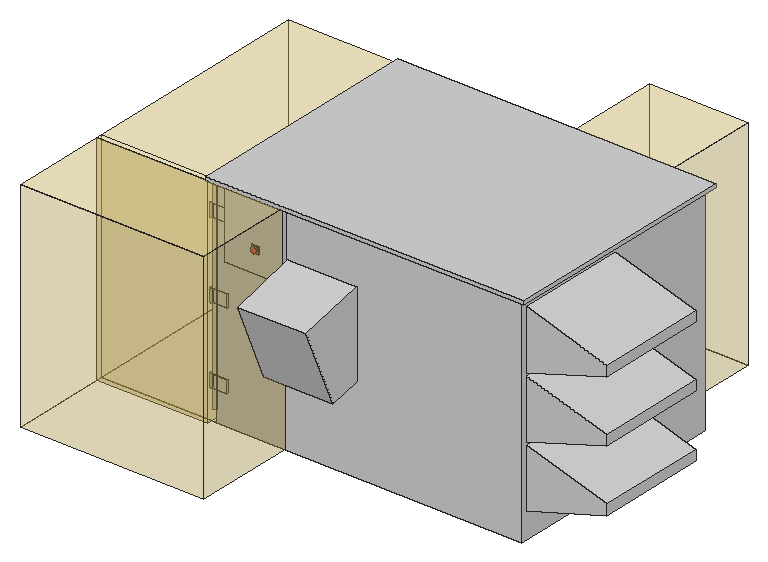
Revit family "Ventilator-RenewAire-Energy-Recovery-HE8XRTV", category Mechanical Equipment, Revit 2015
Parameters (values of type "10.0 HP 208-230V Three Phase")
  Voltage = "208-230"
  Ventilation Type = "Static Plate, Heat and Humidity Transfer"
  Unit Width = "140-1/2\""
  Unit Weight = "2,232 - 2,914 lbs."
  Unit Length = "106-1/2\""
  Unit Height = "81-3/4\""
  Unit = Metal - RenewAire - Anodized - Gray Text
  URL = "www.renewaire.com"
  Typical Airflow Range = "2,000-7,950 CFM"
  Standard Features = "TEFC Premium efficiency motors, Motor starters, Non-fused disconnect, 24 VAC transformer/relay package"
  Shipping Weight = "3,254 lbs."
  Service Area Visibility = yes
  Service Area Box = Interference - RenewAire - Smooth - Light - Gold
  Revit Object Download Link = ""
  Phase = "Three"
  Options = "Integrated programmable controls, Fused disconnect, Double wall construction, Factory supplied and mounted variable frequency drives (VFDs) - one or both airstreams, Class 1 low-leakage motorized isolation dampers - OA, EA or both airstreams, Qty. 2 Factory mounted filter alarms, Exterior Paint - white, custom colors"
  Number Motors = "Qty. 2, Belt drive blower/ standard motor packages with adjustable sheaves"
  Model = "HE8XRTV"
  Minimum Circuit Amps = "60.8"
  Maximum Overcurrent Protection = "80"
  Max. Shipping Width = "90\""
  Max. Shipping Length = "116\""
  Max. Shipping Height = "90\""
  Manufacturer = "RenewAire LLC"
  Frequency = "60 HZ"
  FLA per Motor = "27.0-25.0"
  Description = "Energy Recovery Ventilator"
  Connector Base Material = Glass - With - Transparency
  Accessories = "Filters - MERV 13, 2\" (shipped loose), Roof curb - standard 14\", Curb wind clip, Engineered combo curb for Carrier RTU, Engineered combo curb for Trane RTU, Digital time clock - wall mount(TC7D-W), in exterior enclosure (TC7D-E), Motion occupancy control - ceiling mount(MC-C), wall mount(MC-W), Carbon Dioxide control - wall mount (CO2-W), duct mount(CO2-D), Electric duct heater – EK series (1-60 kW), EH series (61-175 kW); designed for indoor ductwork installation only, Indirect gas-fired duct furnace - GH series (50-400 MBH), installed downstream of any fans"
  AHRI 1060 Certified Core = "Eight L125-G5"
Types (10): name | Voltage | Minimum Circuit Amps | Maximum Overcurrent Protection | FLA per Motor
  (no name) | "208-230" | "60.8" | "80" | "27.0-25.0"
  5.0 HP 208-230V Three Phase | "208-230" | "32.6 A" | "45 A" | "14.5-13.4"
  5.0 HP 460V Three Phase | "460" | "15.1 A" | "20 A" | "6.7"
  5.0 HP 575V Three Phase | "575" | "11.9 A" | "15 A" | "5.3"
  7.5 HP 208-230V Three Phase | "208-230" | "47.3 A" | "60 A" | "21.0-19.0"
  7.5 HP 460V Three Phase | "460" | "21.4 A" | "25 A" | "9.5"
  7.5 HP 575V Three Phase | "575" | "17.1 A" | "20 A" | "7.6"
  10.0 HP 208-230V Three Phase | "208-230" | "60.8" | "80" | "27.0-25.0"
  10.0 HP 460V Three Phase | "460" | "28.1" | "35" | "12.5"
  10.0 HP 575V Three Phase | "575" | "22.0" | "30" | "9.76"
Reference planes (in)
  plane 1 "Center (Front/Back)": y = 0
  plane 2: z = 0
  plane 3 "Center (Left/Right)": x = 0
  plane 4: y = 41.875
  plane 5: y = -41.875
  plane 6: x = 56.3125
  plane 7: x = -57.1875
  plane 8: z = 82
  plane 9: x = -4.5625
  plane 10: x = -28.8125
Forms (in)
  Extrusion 1, solid, material "Metal - RenewAire - Anodized - Gray Text" <- "Unit"
    sketch origin (0, 0, 0) x (1, 0, 0) y (0, 1, 0)
      loop
        line (-54, 40.5) -> (-54, -40.5) -> (54, -40.5) -> (54, 40.5) -> (-54, 40.5)
    from 0 to 77
  Extrusion 2, solid, material "Metal - RenewAire - Anodized - Gray Text"
    sketch origin (0, 0, 0) x (1, 0, 0) y (0, 1, 0)
      loop
        line (-56.3125, 42.5) -> (-56.3125, -42.5) -> (56.3125, -42.5) -> (56.3125, 42.5) -> (-56.3125, 42.5)
    from 77 to 78.25
  Extrusion 3, solid, material "Metal - RenewAire - Anodized - Gray Text"
    sketch origin (0, 0, 0) x (1, 0, 0) y (0, 1, 0)
      loop
        line (-54, -40.5) -> (-54, -1.25) -> (-55.5625, -1.25) -> (-55.5625, -40.5) -> (-54, -40.5)
    from 4 to 76
  Extrusion 4, solid, material "Metal - RenewAire - Anodized - Gray Text"
    sketch origin (0, 41.75, 0) x (1, 0, 0) y (0, 1, 0)
      loop
        line (-54, -40.5) -> (-54, -1.25) -> (-55.5625, -1.25) -> (-55.5625, -40.5) -> (-54, -40.5)
    from 4 to 76
  Extrusion 5, solid, material "Metal - RenewAire - Anodized - Gray Text"
    sketch origin (0, 0, 0) x (1, 0, 0) y (0, 0, 1)
      loop
        line (-55.5625, 15.181) -> (-55.5625, 10.75) -> (-50.25, 10.75) -> (-50.25, 15.181) -> (-55.5625, 15.181)
      loop
        line (-55.5625, 42.222) -> (-55.5625, 37.778) -> (-50.25, 37.778) -> (-50.25, 42.222) -> (-55.5625, 42.222)
      loop
        line (-55.5625, 69.25) -> (-55.5625, 64.819) -> (-50.25, 64.819) -> (-50.25, 69.25) -> (-55.5625, 69.25)
    from 40.5 to 40.625
  Extrusion 6, solid, material "Metal - RenewAire - Anodized - Gray Text"
    sketch origin (0, 0, 0) x (1, 0, 0) y (0, 0, 1)
      loop
        line (-55.5625, 15.181) -> (-55.5625, 10.75) -> (-50.25, 10.75) -> (-50.25, 15.181) -> (-55.5625, 15.181)
      loop
        line (-55.5625, 42.222) -> (-55.5625, 37.778) -> (-50.25, 37.778) -> (-50.25, 42.222) -> (-55.5625, 42.222)
      loop
        line (-55.5625, 69.25) -> (-55.5625, 64.819) -> (-50.25, 64.819) -> (-50.25, 69.25) -> (-55.5625, 69.25)
    from -40.625 to -40.5
  Extrusion 7, solid, material "Metal - RenewAire - Anodized - Gray Text"
    sketch origin (0, 0, 0) x (1, 0, 0) y (0, 1, 0)
      loop
        circle (-55.9375, -40.5) r 0.375
    from 10.75 to 15.181
  Extrusion 8, solid, material "Metal - RenewAire - Anodized - Gray Text"
    sketch origin (0, 0, 0) x (1, 0, 0) y (0, 1, 0)
      loop
        circle (-55.9375, -40.5) r 0.375
    from 37.778 to 42.222
  Extrusion 9, solid, material "Metal - RenewAire - Anodized - Gray Text"
    sketch origin (0, 0, 0) x (1, 0, 0) y (0, 1, 0)
      loop
        circle (-55.9375, -40.5) r 0.375
    from 64.819 to 69.25
  Extrusion 10, solid, material "Metal - RenewAire - Anodized - Gray Text"
    sketch origin (0, 81, 0) x (1, 0, 0) y (0, 1, 0)
      loop
        circle (-55.9375, -40.5) r 0.375
    from 10.75 to 15.181
  Extrusion 11, solid, material "Metal - RenewAire - Anodized - Gray Text"
    sketch origin (0, 81, 0) x (1, 0, 0) y (0, 1, 0)
      loop
        circle (-55.9375, -40.5) r 0.375
    from 37.778 to 42.222
  Extrusion 12, solid, material "Metal - RenewAire - Anodized - Gray Text"
    sketch origin (0, 81, 0) x (1, 0, 0) y (0, 1, 0)
      loop
        circle (-55.9375, -40.5) r 0.375
    from 64.819 to 69.25
  Extrusion 13, solid, material "Metal - RenewAire - Anodized - Gray Text"
    sketch origin (0, 0, 0) x (1, 0, 0) y (0, 0, 1)
      loop
        line (-50.25, 77) -> (-50.25, 53) -> (-29.75, 53) -> (-29.75, 77) -> (-50.25, 77)
    from 40.5 to 41.75
  Extrusion 14, solid, material "Metal - RenewAire - Anodized - Gray Text"
    sketch origin (0, 0, 0) x (1, 0, 0) y (0, 0, 1)
      loop
        line (-40.6, 62.1) -> (-40.6, 59.6) -> (-38.1, 59.6) -> (-38.1, 62.1) -> (-40.6, 62.1)
    from 41.75 to 41.875
  Extrusion 15, solid, material "Plastic Red"
    sketch origin (0, 0, 0) x (1, 0, 0) y (0, 0, 1)
      loop
        circle (-39.35, 60.85) r 1
    from 41.75 to 42.5
  Extrusion 16, solid, material "Metal - RenewAire - Anodized - Gray Text"
    sketch origin (0, 0, 0) x (0, 1, 0) y (0, 0, 1)
      loop
        circle (-3.25, 67.0345) r 0.25
    from -56.3125 to -55.5625
  Extrusion 17, solid, material "Metal - RenewAire - Anodized - Gray Text"
    sketch origin (0, 0, 0) x (1, 0, 0) y (0, 0, 1)
      loop
        line (-56.3125, 67.2845) -> (-57.1875, 67.2845) -> (-57.1875, 66.7845) -> (-56.3125, 66.7845) -> (-56.3125, 67.2845)
    from 2.95437 to 6.64353
  Extrusion 18, solid, material "Metal - RenewAire - Anodized - Gray Text"
    sketch origin (0, 0, -54.0845) x (0, 1, 0) y (0, 0, 1)
      loop
        circle (-3.25, 67.0345) r 0.25
    from -56.3125 to -55.5625
  Extrusion 19, solid, material "Metal - RenewAire - Anodized - Gray Text"
    sketch origin (0, 0, -54.0845) x (1, 0, 0) y (0, 0, 1)
      loop
        line (-56.3125, 67.2845) -> (-57.1875, 67.2845) -> (-57.1875, 66.7845) -> (-56.3125, 66.7845) -> (-56.3125, 67.2845)
    from 2.95437 to 6.64353
  Extrusion 20, solid, material "Metal - RenewAire - Anodized - Gray Text"
    sketch origin (0, -0.02735, 79.9845) x (0, -1, 0) y (0, 0, -1)
      loop
        circle (-3.25, 67.0345) r 0.25
    from -56.3125 to -55.5625
  Extrusion 21, solid, material "Metal - RenewAire - Anodized - Gray Text"
    sketch origin (0, -0.02735, 79.9845) x (1, 0, 0) y (0, 0, -1)
      loop
        line (-56.3125, 67.2845) -> (-57.1875, 67.2845) -> (-57.1875, 66.7845) -> (-56.3125, 66.7845) -> (-56.3125, 67.2845)
    from 2.95437 to 7.02735
  Extrusion 22, solid, material "Metal - RenewAire - Anodized - Gray Text"
    sketch origin (0, -0.02735, 134.069) x (0, -1, 0) y (0, 0, -1)
      loop
        circle (-3.25, 67.0345) r 0.25
    from -56.3125 to -55.5625
  Extrusion 23, solid, material "Metal - RenewAire - Anodized - Gray Text"
    sketch origin (0, -0.02735, 134.069) x (1, 0, 0) y (0, 0, -1)
      loop
        line (-56.3125, 67.2845) -> (-57.1875, 67.2845) -> (-57.1875, 66.7845) -> (-56.3125, 66.7845) -> (-56.3125, 67.2845)
    from 2.95437 to 7.02735
  Extrusion 24, solid, material "Metal - RenewAire - Anodized - Gray Text"
    sketch origin (0, 0, 0) x (1, 0, 0) y (0, 1, 0)
      loop
        line (40.5, 40.5) -> (40.5, 41.875) -> (5.75, 41.875) -> (5.75, 40.5) -> (40.5, 40.5)
    from 4 to 76
  Extrusion 25, solid, material "Metal - RenewAire - Anodized - Gray Text"
    sketch origin (46.25, -13.6875, 0) x (0, -1, 0) y (0, 0, 1)
      loop
        line (-55.5625, 15.181) -> (-55.5625, 10.75) -> (-54.1875, 10.75) -> (-54.1875, 15.181) -> (-55.5625, 15.181)
      loop
        line (-55.5625, 42.222) -> (-55.5625, 37.778) -> (-54.1875, 37.778) -> (-54.1875, 42.222) -> (-55.5625, 42.222)
      loop
        line (-55.5625, 69.25) -> (-55.5625, 64.819) -> (-54.1875, 64.819) -> (-54.1875, 69.25) -> (-55.5625, 69.25)
    from 40.5 to 40.625
  Extrusion 26, solid, material "Metal - RenewAire - Anodized - Gray Text"
    sketch origin (46.25, -13.6875, 0) x (0, -1, 0) y (1, 0, 0)
      loop
        circle (-55.9375, -40.5) r 0.375
    from 10.75 to 15.181
  Extrusion 27, solid, material "Metal - RenewAire - Anodized - Gray Text"
    sketch origin (46.25, -13.6875, 0) x (0, -1, 0) y (1, 0, 0)
      loop
        circle (-55.9375, -40.5) r 0.375
    from 37.778 to 42.222
  Extrusion 28, solid, material "Metal - RenewAire - Anodized - Gray Text"
    sketch origin (46.25, -13.6875, 0) x (0, -1, 0) y (1, 0, 0)
      loop
        circle (-55.9375, -40.5) r 0.375
    from 64.819 to 69.25
  Extrusion 29, solid, material "Metal - RenewAire - Anodized - Gray Text"
    sketch origin (0, 0, 0.09434) x (1, 0, 0) y (0, 0, 1)
      loop
        circle (38.5, 67.0345) r 0.5
      loop
        circle (38.5, 12.9655) r 0.5
    from -42.63934 to -41.875
  Extrusion 30, solid, material "Metal - RenewAire - Anodized - Gray Text"
    sketch origin (0, 0, 0) x (1, 0, 0) y (0, 1, 0)
      loop
        line (39, 42.63934) -> (39, 43.13934) -> (35, 43.13934) -> (35, 42.63934) -> (39, 42.63934)
    from 12.54402 to 13.57826
  Extrusion 31, solid, material "Metal - RenewAire - Anodized - Gray Text"
    sketch origin (0, 0, 0) x (1, 0, 0) y (0, 1, 0)
      loop
        line (39, 42.63934) -> (39, 43.13934) -> (35, 43.13934) -> (35, 42.63934) -> (39, 42.63934)
    from 66.62861 to 67.65618
  Extrusion 32, solid, material "Metal - RenewAire - Anodized - Gray Text"
    sketch origin (0, 0, 0) x (1, 0, 0) y (0, 1, 0)
      loop
        line (39, 42.42236) -> (36.93236, 42.42236) -> (35.90842, 43.13934) -> (35.90842, 42.63934) -> (37, 41.875) -> (39, 41.875) -> (39, 42.42236)
    from 39.5 to 40.5
  Extrusion 33, solid, material "Metal - RenewAire - Anodized - Gray Text"
    sketch origin (0, 0, 0) x (1, 0, 0) y (0, 1, 0)
      loop
        circle (35.90842, 42.88934) r 0.25
    from 37.778 to 42.222
  Extrusion 34, solid, material "Interference - RenewAire - Smooth - Light - Gold" <- "Service Area Box", visible <- "Service Area Visibility"
    sketch origin (0, 0, 0) x (1, 0, 0) y (0, 1, 0)
      loop
        line (5.625, 41.875) -> (40.5, 41.875) -> (40.5, 76.625) -> (5.625, 76.625) -> (5.625, 41.875)
    from 0 to 77
  Extrusion 35, solid, material "Interference - RenewAire - Smooth - Light - Gold", visible <- "Service Area Visibility"
    sketch origin (0, 0, 0) x (1, 0, 0) y (0, 1, 0)
      loop
        line (-55.5625, 42.5) -> (-94.8125, 42.5) -> (-94.8125, -42.5) -> (-55.5625, -42.5) -> (-55.5625, 42.5)
    from 0 to 77
  Extrusion 36, solid, material "Interference - RenewAire - Smooth - Light - Gold", visible <- "Service Area Visibility"
    sketch origin (0, 0, 0) x (1, 0, 0) y (0, 1, 0)
      loop
        line (-29.75, -40.5) -> (-94.8125, -40.5) -> (-94.8125, -76.5) -> (-29.75, -76.5) -> (-29.75, -40.5)
    from 0 to 77
  Extrusion 37, solid, material "Metal - RenewAire - Anodized - Gray Text"
    sketch origin (0, 0, 0) x (1, 0, 0) y (0, 0, 1)
      loop
        line (54, 9.25) -> (82.75, 18) -> (82.75, 21.5) -> (54, 30.25) -> (54, 9.25)
    from -0.75 to 38.875
  Extrusion 38, solid, material "Metal - RenewAire - Anodized - Gray Text"
    sketch origin (0, 0, 22) x (1, 0, 0) y (0, 0, 1)
      loop
        line (54, 9.25) -> (82.75, 18) -> (82.75, 21.5) -> (54, 30.25) -> (54, 9.25)
    from -0.75 to 38.875
  Extrusion 39, solid, material "Metal - RenewAire - Anodized - Gray Text"
    sketch origin (0, 0, 44) x (1, 0, 0) y (0, 0, 1)
      loop
        line (54, 9.25) -> (82.75, 18) -> (82.75, 21.5) -> (54, 30.25) -> (54, 9.25)
    from -0.75 to 38.875
  Extrusion 40, solid, material "Metal - RenewAire - Anodized - Gray Text"
    sketch origin (0, 0, 0) x (0, 1, 0) y (0, 0, 1)
      loop
        line (-40.5, 30.5) -> (-40.5, 60.625) -> (-62.87454, 55.29773) -> (-51, 28) -> (-40.5, 30.5)
    from -28.8125 to -4.5625
  Extrusion 41, void
    sketch origin (0, 0, 0) x (1, 0, 0) y (0, 1, 0)
      loop
        line (-53.5, 40) -> (-53.5, -40) -> (53.5, -40) -> (53.5, 40) -> (-53.5, 40)
    from -3.19513 to 4.625
  Extrusion 42, void
    sketch origin (0, 0, 0) x (1, 0, 0) y (0, 1, 0)
      loop
        line (-23.1875, 22.375) -> (-23.1875, 0.375) -> (-7.1875, 0.375) -> (-7.1875, 22.375) -> (-23.1875, 22.375)
    from -3.19513 to 4.75
  Extrusion 43, void
    sketch origin (0, 0, 0) x (1, 0, 0) y (0, 1, 0)
      loop
        line (24.4375, 34.375) -> (24.4375, 0.375) -> (48.4375, 0.375) -> (48.4375, 34.375) -> (24.4375, 34.375)
    from -3.19513 to 4.75
Cuts and joins
  Extrusion 41, Extrusion 42, Extrusion 43 cuts Extrusion 1
Dimensions and locks (in)
  aligned and locked: level to plane 2
Nested families (in)
  nested 1: "Monitoring Port" at (28.5, 42.75, 60.778), type "Monitoring Port"
  nested 2: "Monitoring Port" at (17.75, 42.75, 60.778), type "Monitoring Port"
  nested 3: "Monitoring Port" at (28.5, 42.75, 48.778), type "Monitoring Port"
  nested 4: "Monitoring Port" at (17.75, 42.75, 48.778), type "Monitoring Port"
Connectors (in)
  hvac at (36.4375, 17.375, 4.625)
    settings: on cut or joined group of Extrusion 1, Extrusion 41, Extrusion 42, Extrusion 43, index 5, duct flow 0 CFM, flow factor 0, pres drop 0.00 in-wg, loss coef 0, conn angle 0.00°, conn width 34", conn height 24", conn diameter 24", duct sys type 2, conn prof type 1, flow config 0, flow direction 1, loss method 0, conn ref index -1, conn util no, is conn primary yes, conn desc "RA (Return Air)"
  hvac at (-15.1875, 11.375, 4.625)
    settings: on cut or joined group of Extrusion 1, Extrusion 41, Extrusion 42, Extrusion 43, index 6, duct flow 0 CFM, flow factor 0, pres drop 0.00 in-wg, loss coef 0, conn angle 0.00°, conn width 22", conn height 16", conn diameter 24", duct sys type 1, conn prof type 1, flow config 0, flow direction 2, loss method 0, conn ref index -1, conn util no, is conn primary no, conn desc "FA (Fresh Air)"
Definition of nested family "Monitoring Port"
  Parameters (values of type "Monitoring Port")
    URL = "www.renewaire.com"
    Revit Object Download Link = ""
    Model = ""
    Manufacturer = "RenewAire LLC"
    Description = "Monitoring Ports"
  Reference planes (in)
    plane 1 "Center (Front/Back)": y = 0
    plane 2: z = 0
    plane 3 "Center (Left/Right)": x = 0
  Forms (in)
    Extrusion 1, solid
      sketch origin (-9.43348, 0, 37.76669) x (-1, 0, 0) y (0, 0, -1)
        loop
          line (-9.53348, 35.65895) -> (-9.94097, 35.42369) -> (-9.94097, 34.83769) -> (-9.43348, 34.54469) -> (-8.92599, 34.83769) -> (-8.92599, 35.42369) -> (-9.33348, 35.65895) -> (-9.33348, 37.28756)
          arc (-9.33348, 37.28756) -> (-9.43348, 37.76669) -> (-9.53348, 37.28756) r 0.25
          line (-9.53348, 37.28756) -> (-9.53348, 35.65895)
      from 0 to 0.25
  Dimensions and locks (in)
    aligned and locked: level to plane 2
